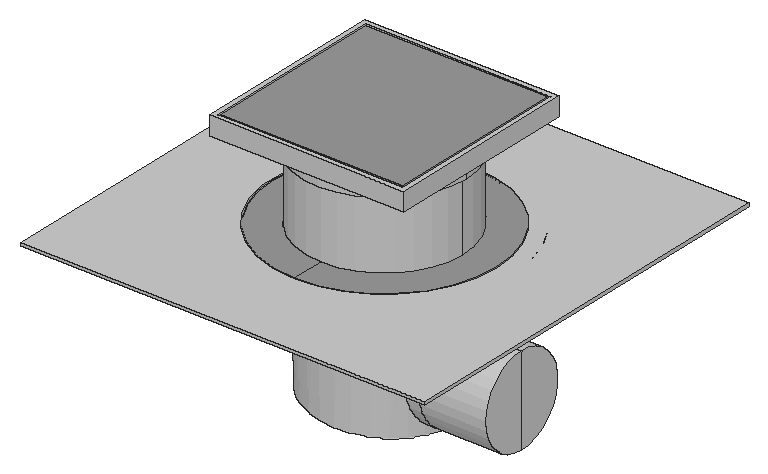
Revit family "HL_Дворовый трап серии Perfekt_HL615HLW", category Instalační zařizovací předměty, Revit 2016
Family settings
  Typ součásti = Normální
  Kóta kulaté spojky = Použít průměr
  Číslo OmniClass = 23.70.50.21.24.14
  Nadpis OmniClass = Deck Waste Water Drains
  Založené na pracovní rovině = Ne
  Vždy vertikální = Ano
  Ořezat dutým tvarem při načtení = Ne
  Sdílené = Ne
  Bod výpočtu místnosti = Ano
Parameters (values of type "HL_Дворовый трап серии Perfekt_HL615HLW")
  РЕШЁТКА = "Kunststoff 226x226mm"
  РАЗМЕР = "DN110"
  ПРОПУСКНАЯ СПОСОБНОСТЬ [instance] = 0.0 L/s
  ПРОИЗВОДИТЕЛЬНОСТЬ = "2,5 l/s"
  ПРАВОВАЯ ИНФОРМАЦИЯ = "\"Авторские права(©), права на дизайн или какие либо другие права интелектуальной собственности являются исключительной собственностью компании HL Hutterer & Lechner. Изменению не подлежит. Файл семейства с данными о прозводителе изделия защищен паролем с водяным знаком.\""
  НОМИНАЛЬНЫЙ ДИАМЕТР = 110 mm
  НАСАДКА = "42-130mm/240x240mm"
  МАТЕРИАЛ = "PP"
  МАКСИМАЛЬНАЯ НАГРУЗКА КЛАССА = "L - 1,5 t"
  ВЫСОТА МОНТАЖА = "218 mm"
  ВЕС = "3,174 kg"
  Výrobce = "HL Hutterer & Lechner GmbH"
  URL = "http://www.hutterer-lechner.com/ru/products/catalog/roof-drains/HL615HLW.aspx"
  Материал плитка [instance] = none
  Připojení ventilace = no
  Připojení odpadu = yes
  Připojení HW = no
  Připojení CW = no
  Popis = "Дворовый трап серии Perfekt DN110 горизонтальный выпуск"
  Model = "HL615HLW"
  Assembly Code = " "
  Komentáře k typům = "Дворовый трап серии Perfekt DN110 горизонтальный с битумным полотном, 240х240мм/226х226мм ПП с водяным затвором."
  Keynote = "HL615HLW"
  IH [instance] = Высота монтажа 1 + Высота монтажа 2  # 130 mm
  Высота монтажа 2 [instance] = 0 mm
  Высота монтажа 1 [instance] = 130 mm
  G [instance] = 90.00°  # constant formula
  EAN = "9003076009510"
  D [instance] = 170 mm
  C [instance] = if(IH - 68 mm < 0 mm, 0 mm, IH - 68 mm)  # 62 mm
  B [instance] = 134.4 mm + IH  # 264.4 mm
  A [instance] = if(B - 100 mm > 15 mm, B - 100 mm, 15 mm)  # 164.4 mm
Types (2, lengths in mm): name | URL | Popis | Komentáře k typům
  (no name) | "http://www.hutterer-lechner.com/en/products/catalog/roof-drains/HL615HLW.aspx" | 0 | "perfect-drain DN110 horizontal with bitumen membrane, 240x240mm/226x226mm plastic with trap seal"
  HL_Дворовый трап серии Perfekt_HL615HLW | "http://www.hutterer-lechner.com/ru/products/catalog/roof-drains/HL615HLW.aspx" | "Дворовый трап серии Perfekt DN110 горизонтальный выпуск" | "Дворовый трап серии Perfekt DN110 горизонтальный с битумным полотном, 240х240мм/226х226мм ПП с водяным затвором."
Values of the unnamed type that differ from the named types
  ПРАВОВАЯ ИНФОРМАЦИЯ = "\"Copyright (©), design rights or any other intellectual property rights, shall be the exclusive property of HL Hutterer & Lechner GmbH. Modification is not allowed. Family has been watermarked.\""
Reference planes
  plane 1 "Center (Front/Back)": y = 0
  plane 2: z = 0
  plane 3 "Center (Left/Right)": x = 0
  plane 4: z = -264.4
  plane 5: z = -130
  plane 6: z = -130
Lines and regions (mm)
  model lines, style "InvisibleLines"
    curve 1: line (0, 0, 0) -> (0, 0, 20)
  model lines, style "PlumbingFixtures", detail levels coarse+medium
    curve 2: line (0, 0, -264.4) -> (0, 0, -100)
    curve 3: line (0, 0, -100) -> (-100, 0, 0)
    curve 4: line (0, 0, -100) -> (100, 0, 0)
    curve 6: line (0, 0, -264.4) -> (170, 0, -264.4)
  reference lines, not visible
    curve 5: line (0, 0, -264.4) -> (170, 0, -264.4)
  symbolic lines, style "PlumbingFixtures", detail levels coarse+medium
    curve 7: line (-75, 75, 0) -> (75, 75, 0)
    curve 8: line (-75, -75, 0) -> (-75, 75, 0)
    curve 9: line (75, -75, 0) -> (-75, -75, 0)
    curve 10: line (75, 75, 0) -> (75, -75, 0)
    curve 11: line (-75, 75, 0) -> (-145.711, 145.711, 0)
    curve 12: line (75, 75, 0) -> (145.711, 145.711, 0)
    curve 13: line (-75, -75, 0) -> (-145.711, -145.711, 0)
    curve 14: line (75, -75, 0) -> (145.711, -145.711, 0)
  symbolic lines, style "PlumbingFixtures", not visible, detail levels coarse+medium
    curve 15: line (-75, 75, 0) -> (75, 75, 0)
    curve 16: line (-75, -75, 0) -> (-75, 75, 0)
    curve 17: line (75, -75, 0) -> (-75, -75, 0)
    curve 18: line (75, 75, 0) -> (75, -75, 0)
    curve 19: line (-75, 75, 0) -> (-145.711, 145.711, 0)
    curve 20: line (75, 75, 0) -> (145.711, 145.711, 0)
    curve 21: line (-75, -75, 0) -> (-145.711, -145.711, 0)
    curve 22: line (75, -75, 0) -> (145.711, -145.711, 0)
Text (mm)
  text "FLOOR" at (-162.344, 0, -10.979), in view "Слева"
Dimensions and locks
  "B": plane 2 to plane 4
  "IH": plane 2 to plane 5
  "A": curve 4 to plane 4
  "D": curve 5 to curve 5
  "D": curve 6 to curve 6
  "Высота монтажа 1": plane 2 to plane 6
  locked: curve 4 to plane 3 "Center (Left/Right)" (angle 45.00°)
  locked: plane 3 "Center (Left/Right)" to curve 3 (angle 45.00°)
  "G": angle curve 5 to plane 3 "Center (Left/Right)"
  aligned and locked: level to plane 2
  aligned and locked: plane 2 to curve 4
  aligned and locked: plane 2 to curve 3
  aligned and locked: plane 4 to curve 5
  aligned and locked: curve 5 to plane 3 "Center (Left/Right)"
  aligned and locked: plane 4 to curve 2
  aligned and locked: plane 3 "Center (Left/Right)" to curve 6
  aligned and locked: curve 6 to plane 4
  aligned and locked: plane 3 "Center (Left/Right)" to nested 2
  aligned and locked: plane 2 to nested 2
  aligned and locked: nested 1 to plane 3 "Center (Left/Right)"
  aligned and locked: nested 1 to plane 5
  aligned and locked: plane 3 "Center (Left/Right)" to nested 3
  aligned and locked: nested 3 to nested 2
  aligned and locked: nested 4 to plane 3 "Center (Left/Right)"
  aligned and locked: nested 4 to nested 1
Automatic sketch dimensions
  plane 3 "Center (Left/Right)" to curve 2 = 0 mm
  curve 1 to plane 3 "Center (Left/Right)" = 0 mm
  curve 1 to level = 0 mm
  level to curve 1 = 20 mm
Nested families
  nested 1: "HL-кровельные воронки - корпус-HL615KH" at (0, 0, -132.127), type "HL-кровельные воронки - корпус-HL615KH"
  nested 2: "HL-Надставные элементы-HL623" at (0, 0, 0), Высота монтажа <- "Высота монтажа 1", type "HL-Надставные элементы-HL623"
    with Высота монтажа 130 mm, a 100 mm, Ihmin 42 mm, Ihmax 130 mm
  nested 3: "HL-Песколовка-HL0606.2E" at (0, 0, -22.999), type "HL-Песколовка-HL0606.2E"
  nested 4: "HL-Вкладыш запахозапирающий-HL0605.2E" at (0, 0, -192.289), type "HL-Вкладыш запахозапирающий-HL0605.2E"
Connectors
  piping at (170, 0, -264.4), diameter 110, driven by "ПРОПУСКНАЯ СПОСОБНОСТЬ", driven by "НОМИНАЛЬНЫЙ ДИАМЕТР"
    settings: on curve 5, index 1, connector inside diameter 609.6 mm, connector length 0 mm, flow factor 0, pipe flow 0.0 L/s, pressure drop 0.0 Pa, fitting loss kfactor 0, connector angle 0.00°, fixture units 0, engagement length 0 mm, angle of deflection 0.00°, flow configuration 1, flow direction 2, fitting loss method 0, system type 16, joint type 0, gender type 0, connector reference index -1, connector utility 0, adjustable connector yes, is connector primary yes, connector description ""
Definition of nested family "HL-кровельные воронки - корпус-HL615KH"
  Parameters (values of type "HL-кровельные воронки - корпус-HL615KH")
    РАЗМЕР = "DN110"
    ПРАВОВАЯ ИНФОРМАЦИЯ = "\"Авторские права(©), права на дизайн или какие либо другие права интелектуальной собственности являются исключительной собственностью компании HL Hutterer & Lechner. Изменению не подлежит. Файл семейства с данными о прозводителе изделия защищен паролем с водяным знаком.\""
    МАТЕРИАЛ = "PP"
    ВЫСОТА МОНТАЖА = "190 mm"
    ВЕС = "2,267 kg"
    Manufacturer = "HL Hutterer & Lechner GmbH"
    URL = "http://www.hutterer-lechner.com/ru/products/catalog/roof-drains/HL615KH.aspx"
    Description = "Дворовый трап серии Perfekt DN110 горизонтальный выпуск"
    Model = "HL615KH"
    материал 3 = none
    материал 2 = none
    материал = none
    Type Comments = "Корпус дворового трапа серии Perfekt DN110 горизонтальный с битумным полотном."
    Keynote = "HL615KH"
    EAN = "9003076012893"
    Cost = 0
  Values of the unnamed type that differ from the named types
    РАЗМЕР = ""
    ПРАВОВАЯ ИНФОРМАЦИЯ = ""
    МАТЕРИАЛ = ""
    ВЫСОТА МОНТАЖА = ""
    ВЕС = ""
    Manufacturer = ""
    URL = ""
    Description = ""
    Model = ""
    Type Comments = ""
    Keynote = ""
    EAN = ""
  Reference planes
    plane 1 "Střed (vpředu/vzadu)": y = 0
    plane 2: z = 0
    plane 3 "Střed (vlevo/vpravo)": x = 0
  Forms (mm)
    Revolve 1, solid, material <- "материал", detail levels fine
      sketch origin (0, 0, 16.838) x (1, 0, 0) y (0, 0, 1)
        loop
          line (-102.992, -29.032) -> (-102.992, -49.657) -> (-93.991, -49.657) -> (-93.991, -81.233) -> (-89.525, -81.233) -> (-89.525, -96.233) -> (-87.601, -206.46) -> (0, -206.46) -> (0, -142.233) -> (-85.48, -142.233) -> (-85.48, -77) -> (-90.064, -77) -> (-90.064, -42) -> (-98.519, -42) -> (-98.519, -20.158) -> (-146.118, -20.158) -> (-158.507, -16.838) -> (-158.507, -19.787) -> (-146.081, -23.116) -> (-137.541, -23.116) -> (-137.541, -29.032) -> (-102.992, -29.032)
        axis (0, -16.838) -> (0, -206.46)
      angle from 0 to 360
    Extrusion 2, void
      sketch origin (0, 0, 16.838) x (1, 0, 0) y (0, 0, 1)
        loop
          line (101.097, -207.584) -> (-103.425, -190.313) -> (-103.425, -230.313) -> (101.097, -230.313) -> (101.097, -207.584)
      from -118.5 to 100
    Revolve 3, solid, material <- "материал", detail levels fine
      sketch origin (0, 0, 16.838) x (1, 0, 0) y (0, 0, 1)
        loop
          line (170, -151.233) -> (52.576, -151.233) -> (52.576, -206.233) -> (87.576, -206.233) -> (170, -206.233) -> (170, -151.233)
        axis (52.576, -151.233) -> (170, -151.233)
      angle from 0 to 360
    Extrusion 4, void
      sketch origin (0, 0, 16.838) x (1, 0, 0) y (0, 1, 0)
        loop
          line (53.489, 64) -> (-15, 64) -> (-15, 82.049)
          arc (-15, 82.049) -> (-83.409, 0) -> (-15, -82.049) r 83.409
          line (-15, -82.049) -> (-15, -64) -> (53.489, -64)
          arc (53.489, -64) -> (83.409, 0) -> (53.489, 64) r 83.409
      from -186.135 to -66.314
    Extrusion 5, void
      sketch origin (400, 0, 16.838) x (1, 0, 0) y (0, 1, 0)
        loop
          line (-343.274, 64) -> (-415, 64) -> (-415, -64) -> (-344.352, -64)
          arc (-344.352, -64) -> (-313.891, -0.252) -> (-343.274, 64) r 83.409
      from -186.135 to -66.314
    Extrusion 6, solid, material <- "материал 3", detail levels fine
      sketch origin (0, 0, 0) x (1, 0, 0) y (0, 1, 0)
        loop
          line (250, 250) -> (-250, 250) -> (-250, -250) -> (250, -250) -> (250, 250)
        loop
          circle (0, 0) r 137.541
      from -1.369 to 2.127
    Revolve 7, solid, material <- "материал 2", detail levels fine
      sketch origin (0, 0, 0) x (0, 1, 0) y (0, 0, 1)
        loop
          line (139.097, 2.127) -> (98.528, 2.127) -> (98.528, 0) -> (139.097, 0) -> (139.097, 2.127)
        axis (0, 2.127) -> (0, 0)
      angle from 0 to 360
  Cuts and joins
    Extrusion 2, Extrusion 4 cuts Revolve 1
    Extrusion 2, Extrusion 5 cuts Revolve 3
  Dimensions and locks
    aligned and locked: level to plane 2
Definition of nested family "HL-Надставные элементы-HL623"
  Parameters
    РЕШЁТКА = ""
    РАЗМЕР = ""
    ПРАВОВАЯ ИНФОРМАЦИЯ = ""
    НАСАДКА = ""
    МАТЕРИАЛ = ""
    МАКСИМАЛЬНАЯ НАГРУЗКА КЛАССА = ""
    ВЫСОТА МОНТАЖА = ""
    ВЕС = ""
    a [instance] = if(Высота монтажа < Ihmin, -10 mm, if(Высота монтажа > Ihmax, -10 mm, Высота монтажа - 30 mm))  # 100 mm
    Manufacturer = ""
    URL = ""
    Description = ""
    Model = ""
    материал 2 = none
    материал = none
    Type Comments = ""
    Keynote = ""
    Высота монтажа [instance] = 130 mm
    Ihmin [instance] = 42 mm
    Ihmax [instance] = 130 mm
    EAN = ""
    Cost = 0
  Types (2, lengths in mm): name | РЕШЁТКА | РАЗМЕР | ПРАВОВАЯ ИНФОРМАЦИЯ | НАСАДКА | МАТЕРИАЛ | МАКСИМАЛЬНАЯ НАГРУЗКА КЛАССА | ВЫСОТА МОНТАЖА | ВЕС | Manufacturer | URL | Description | Model | Type Comments | Keynote | EAN
    (no name) | "" | "" | "" | "" | "" | "" | "" | "" | "" | "" | "" | "" | "" | "" | ""
    HL-Надставные элементы-HL623 | "Kunststoff 226x226mm" | "d 195mm" | "\"Авторские права(©), права на дизайн или какие либо другие права интелектуальной собственности являются исключительной собственностью компании HL Hutterer & Lechner. Изменению не подлежит. Файл семейства с данными о прозводителе изделия защищен паролем с водяным знаком.\"" | "240x240mm" | "PP" | "L - 1,5 t" | "144 mm" | "0,954 [kg]" | "HL Hutterer & Lechner GmbH" | "http://www.hutterer-lechner.com/ru/products/catalog/roof-drains/HL623.aspx" | "Надставные элементы" | "HL623" | "Насадка d 195мм/240х240мм/226х226мм ПП" | "HL623" | "9003076014743"
  Reference planes
    plane 1 "Střed (vpředu/vzadu)": y = 0
    plane 2: z = 0
    plane 3 "Střed (vlevo/vpravo)": x = 0
    plane 4: z = -45
    plane 5: z = -145
  Forms (mm)
    Extrusion 1, solid, material <- "материал", detail levels fine
      sketch origin (0, 0, 0) x (1, 0, 0) y (0, 1, 0)
        loop
          line (-112.5, 112.5) -> (-112.5, -112.5) -> (112.5, -112.5) -> (112.5, 112.5) -> (-112.5, 112.5)
      from 0 to -20
    Extrusion 2, solid, material <- "материал 2", detail levels fine
      sketch origin (0, 0, 0) x (1, 0, 0) y (0, 1, 0)
        loop
          line (114.5, -114.5) -> (114.5, 114.5) -> (-114.5, 114.5) -> (-114.5, -114.5) -> (114.5, -114.5)
        loop
          line (-120, 120) -> (-120, -120) -> (120, -120) -> (120, 120) -> (-120, 120)
      from 0 to -20
    Extrusion 3, solid, material <- "материал 2", detail levels fine
      sketch origin (0, 0, 0) x (1, 0, 0) y (0, 1, 0)
        loop
          line (120, -120) -> (120, 120) -> (-120, 120) -> (-120, -120) -> (120, -120)
      from -20 to -23
    Revolve 4, solid, material <- "материал 2", detail levels fine
      sketch origin (0, 0, 0) x (1, 0, 0) y (0, 0, 1)
        loop
          line (0, -23) -> (-101.5, -23) -> (-101.5, -45) -> (0, -45) -> (0, -23)
        axis (0, -45) -> (0, -23)
      angle from 0 to 360
    Revolve 5, solid, material <- "материал 2", detail levels fine
      sketch origin (0, 0, 0) x (1, 0, 0) y (0, 0, 1)
        loop
          line (0, -45) -> (0, -145) -> (97.213, -145) -> (97.213, -45) -> (0, -45)
        axis (0, -45) -> (0, -145)
      angle from 0 to 360
  Cuts and joins
    joined: Extrusion 2, Extrusion 3
  Lines and regions (mm)
    model lines, detail levels fine
      curve 1: line (10.96, 46.315, 0) -> (45.608, 80.964, 0)
      curve 2: line (56.215, 70.357, 0) -> (21.567, 35.709, 0)
      curve 3: line (35.709, 21.567, 0) -> (70.357, 56.215, 0)
      curve 4: line (80.964, 45.608, 0) -> (46.315, 10.96, 0)
      curve 5: line (92, 7.5, 0) -> (72.5, 7.5, 0)
      curve 6: line (92, -7.5, 0) -> (72.5, -7.5, 0)
      curve 7: arc (92, -7.5, 0) -> (99.5, 0, 0) -> (92, 7.5, 0) r 7.5
      curve 8: arc (72.5, -7.5, 0) -> (65, 0, 0) -> (72.5, 7.5, 0) r 7.5
      curve 9: arc (80.964, 45.608, 0) -> (80.964, 56.215, 0) -> (70.357, 56.215, 0) r 7.5
      curve 10: arc (56.215, 70.357, 0) -> (56.215, 80.964, 0) -> (45.608, 80.964, 0) r 7.5
      curve 11: arc (21.567, 35.709, 0) -> (10.96, 35.709, 0) -> (10.96, 46.315, 0) r 7.5
      curve 12: arc (46.315, 10.96, 0) -> (35.709, 10.96, 0) -> (35.709, 21.567, 0) r 7.5
      curve 13: line (7.5, 92, 0) -> (7.5, 72.5, 0)
      curve 14: line (-7.5, 92, 0) -> (-7.5, 72.5, 0)
      curve 15: arc (-7.5, 92, 0) -> (0, 99.5, 0) -> (7.5, 92, 0) r 7.5
      curve 16: arc (-7.5, 72.5, 0) -> (0, 65, 0) -> (7.5, 72.5, 0) r 7.5
      curve 17: line (7.5, -92, 0) -> (7.5, -72.5, 0)
      curve 18: line (-7.5, -92, 0) -> (-7.5, -72.5, 0)
      curve 19: arc (-7.5, -92, 0) -> (0, -99.5, 0) -> (7.5, -92, 0) r 7.5
      curve 20: arc (-7.5, -72.5, 0) -> (0, -65, 0) -> (7.5, -72.5, 0) r 7.5
      curve 21: line (92, -7.5, 0) -> (72.5, -7.5, 0)
      curve 22: line (92, 7.5, 0) -> (72.5, 7.5, 0)
      curve 23: arc (92, 7.5, 0) -> (99.5, 0, 0) -> (92, -7.5, 0) r 7.5
      curve 24: arc (72.5, 7.5, 0) -> (65, 0, 0) -> (72.5, -7.5, 0) r 7.5
      curve 25: line (-92, -7.5, 0) -> (-72.5, -7.5, 0)
      curve 26: arc (-92, -7.5, 0) -> (-99.5, 0, 0) -> (-92, 7.5, 0) r 7.5
      curve 27: arc (-72.5, -7.5, 0) -> (-65, 0, 0) -> (-72.5, 7.5, 0) r 7.5
      curve 28: line (-92, -7.5, 0) -> (-72.5, -7.5, 0)
      curve 29: line (-92, 7.5, 0) -> (-72.5, 7.5, 0)
      curve 30: arc (-92, 7.5, 0) -> (-99.5, 0, 0) -> (-92, -7.5, 0) r 7.5
      curve 31: arc (-72.5, 7.5, 0) -> (-65, 0, 0) -> (-72.5, -7.5, 0) r 7.5
      curve 32: line (-10.96, 46.315, 0) -> (-45.608, 80.964, 0)
      curve 33: line (-56.215, 70.357, 0) -> (-21.567, 35.709, 0)
      curve 34: line (-35.709, 21.567, 0) -> (-70.357, 56.215, 0)
      curve 35: line (-80.964, 45.608, 0) -> (-46.315, 10.96, 0)
      curve 36: arc (-80.964, 45.608, 0) -> (-80.964, 56.215, 0) -> (-70.357, 56.215, 0) r 7.5
      curve 37: arc (-56.215, 70.357, 0) -> (-56.215, 80.964, 0) -> (-45.608, 80.964, 0) r 7.5
      curve 38: arc (-21.567, 35.709, 0) -> (-10.96, 35.709, 0) -> (-10.96, 46.315, 0) r 7.5
      curve 39: arc (-46.315, 10.96, 0) -> (-35.709, 10.96, 0) -> (-35.709, 21.567, 0) r 7.5
      curve 40: line (10.96, -46.315, 0) -> (45.608, -80.964, 0)
      curve 41: line (56.215, -70.357, 0) -> (21.567, -35.709, 0)
      curve 42: line (35.709, -21.567, 0) -> (70.357, -56.215, 0)
      curve 43: line (80.964, -45.608, 0) -> (46.315, -10.96, 0)
      curve 44: arc (80.964, -45.608, 0) -> (80.964, -56.215, 0) -> (70.357, -56.215, 0) r 7.5
      curve 45: arc (56.215, -70.357, 0) -> (56.215, -80.964, 0) -> (45.608, -80.964, 0) r 7.5
      curve 46: arc (21.567, -35.709, 0) -> (10.96, -35.709, 0) -> (10.96, -46.315, 0) r 7.5
      curve 47: arc (46.315, -10.96, 0) -> (35.709, -10.96, 0) -> (35.709, -21.567, 0) r 7.5
      curve 48: line (-10.96, -46.315, 0) -> (-45.608, -80.964, 0)
      curve 49: line (-56.215, -70.357, 0) -> (-21.567, -35.709, 0)
      curve 50: line (-35.709, -21.567, 0) -> (-70.357, -56.215, 0)
      curve 51: line (-80.964, -45.608, 0) -> (-46.315, -10.96, 0)
      curve 52: arc (-80.964, -45.608, 0) -> (-80.964, -56.215, 0) -> (-70.357, -56.215, 0) r 7.5
      curve 53: arc (-56.215, -70.357, 0) -> (-56.215, -80.964, 0) -> (-45.608, -80.964, 0) r 7.5
      curve 54: arc (-21.567, -35.709, 0) -> (-10.96, -35.709, 0) -> (-10.96, -46.315, 0) r 7.5
      curve 55: arc (-46.315, -10.96, 0) -> (-35.709, -10.96, 0) -> (-35.709, -21.567, 0) r 7.5
  Dimensions and locks
    plane 2 to plane 4 = 45 mm
    plane 4 to Revolve 5 sketch curve = 100 mm
    plane 2 to plane 5 = 145 mm
    "a": plane 4 to Revolve 5 sketch curve
    aligned and locked: level to plane 2
    aligned and locked: plane 4 to Revolve 5 sketch curve
  Automatic sketch dimensions
    curve 7 to curve 23 = 0 mm  (x2)
    curve 8 to curve 24 = 0 mm  (x2)
    curve 26 to curve 30 = 0 mm  (x2)
    curve 27 to curve 31 = 0 mm  (x2)
    plane 1 "Střed (vpředu/vzadu)" to curve 26 = 0 mm
    curve 16 to plane 3 "Střed (vlevo/vpravo)" = 0 mm
    curve 20 to plane 3 "Střed (vlevo/vpravo)" = 0 mm
    plane 1 "Střed (vpředu/vzadu)" to curve 24 = 0 mm
    curve 18 to plane 3 "Střed (vlevo/vpravo)" = 7.5 mm
    curve 14 to plane 3 "Střed (vlevo/vpravo)" = 7.5 mm
    curve 32 to plane 3 "Střed (vlevo/vpravo)" = 10.96 mm
    curve 48 to plane 3 "Střed (vlevo/vpravo)" = 10.96 mm
    curve 54 to curve 54 = 5.303 mm  (x2)
    curve 38 to curve 38 = 5.303 mm  (x2)
    curve 49 to curve 54 = 5.303 mm
    curve 33 to curve 38 = 5.303 mm
    curve 34 to curve 33 = 14.142 mm
    curve 50 to curve 49 = 14.142 mm
    curve 39 to curve 34 = 5.303 mm
    curve 55 to curve 50 = 5.303 mm
    curve 48 to curve 20 = 38.108 mm
    curve 32 to curve 14 = 38.108 mm
    curve 35 to plane 1 "Střed (vpředu/vzadu)" = 10.96 mm
    curve 35 to curve 39 = 5.303 mm
    plane 1 "Střed (vpředu/vzadu)" to curve 51 = 10.96 mm
    curve 51 to curve 55 = 5.303 mm
    curve 53 to curve 48 = 5.303 mm
    curve 37 to curve 32 = 5.303 mm
    curve 49 to curve 53 = 5.303 mm
    curve 33 to curve 37 = 5.303 mm  (x2)
    curve 34 to curve 37 = 14.142 mm
    curve 50 to curve 53 = 14.142 mm
    curve 27 to curve 39 = 26.185 mm
    curve 36 to curve 34 = 5.303 mm
    curve 52 to curve 50 = 5.303 mm
    curve 35 to plane 1 "Střed (vpředu/vzadu)" = 45.608 mm
    curve 35 to curve 36 = 5.303 mm  (x2)
    plane 1 "Střed (vpředu/vzadu)" to curve 51 = 45.608 mm
    curve 51 to curve 52 = 5.303 mm
    plane 1 "Střed (vpředu/vzadu)" to curve 28 = 7.5 mm
    curve 28 to curve 25 = 19.5 mm
    plane 3 "Střed (vlevo/vpravo)" to curve 1 = 10.96 mm
    plane 3 "Střed (vlevo/vpravo)" to curve 40 = 10.96 mm
    curve 11 to curve 11 = 5.303 mm
    curve 46 to curve 46 = 5.303 mm  (x2)
    curve 11 to curve 2 = 5.303 mm
    curve 46 to curve 41 = 5.303 mm
    curve 2 to curve 3 = 14.142 mm
    curve 41 to curve 42 = 14.142 mm  (x3)
    curve 42 to curve 47 = 5.303 mm
    curve 3 to curve 12 = 5.303 mm
    curve 13 to curve 1 = 38.108 mm
    curve 17 to curve 40 = 38.108 mm
    plane 1 "Střed (vpředu/vzadu)" to curve 43 = 10.96 mm
    curve 47 to curve 43 = 5.303 mm
    curve 4 to plane 1 "Střed (vpředu/vzadu)" = 10.96 mm
    curve 12 to curve 4 = 5.303 mm
    curve 1 to curve 10 = 5.303 mm
    curve 40 to curve 45 = 5.303 mm
    curve 45 to curve 41 = 5.303 mm  (x2)
    curve 10 to curve 2 = 5.303 mm
    curve 10 to curve 3 = 14.142 mm
    curve 43 to curve 24 = 26.185 mm
    curve 42 to curve 44 = 5.303 mm
    curve 3 to curve 9 = 5.303 mm
    plane 1 "Střed (vpředu/vzadu)" to curve 43 = 45.608 mm
    curve 44 to curve 43 = 5.303 mm
    curve 4 to plane 1 "Střed (vpředu/vzadu)" = 45.608 mm
    curve 9 to curve 4 = 5.303 mm
    curve 5 to plane 1 "Střed (vpředu/vzadu)" = 7.5 mm
    curve 22 to curve 5 = 19.5 mm
    plane 1 "Střed (vpředu/vzadu)" to curve 48 = 46.315 mm
    curve 48 to curve 40 = 0 mm
    curve 52 to curve 52 = 5.303 mm
    curve 44 to curve 44 = 5.303 mm
    curve 49 to curve 50 = 14.142 mm
    curve 17 to curve 40 = 26.185 mm
    curve 53 to curve 49 = 5.303 mm
    curve 17 to curve 20 = 19.5 mm
    curve 42 to curve 47 = 10.607 mm
    curve 50 to curve 51 = 10.607 mm
    curve 4 to curve 12 = 5.303 mm
    curve 39 to curve 39 = 5.303 mm
    curve 39 to curve 33 = 14.142 mm
    curve 12 to curve 2 = 14.142 mm
    curve 2 to curve 11 = 5.303 mm
    curve 9 to curve 9 = 5.303 mm
    curve 3 to curve 2 = 14.142 mm
    curve 36 to curve 33 = 14.142 mm
    curve 11 to curve 13 = 26.185 mm
    curve 2 to curve 10 = 5.303 mm
    curve 14 to curve 14 = 19.5 mm
    Extrusion 1 sketch curve to plane 3 "Střed (vlevo/vpravo)" = 112.5 mm
    plane 3 "Střed (vlevo/vpravo)" to Extrusion 1 sketch curve = 112.5 mm
    plane 1 "Střed (vpředu/vzadu)" to Extrusion 1 sketch curve = 112.5 mm
    Extrusion 1 sketch curve to plane 1 "Střed (vpředu/vzadu)" = 112.5 mm
    Extrusion 2 sketch curve to plane 3 "Střed (vlevo/vpravo)" = 120 mm
    Extrusion 2 sketch curve to Extrusion 2 sketch curve = 5.5 mm  (x4)
    plane 3 "Střed (vlevo/vpravo)" to Extrusion 2 sketch curve = 114.5 mm
    plane 1 "Střed (vpředu/vzadu)" to Extrusion 2 sketch curve = 120 mm
    Extrusion 2 sketch curve to plane 1 "Střed (vpředu/vzadu)" = 114.5 mm
    Extrusion 3 sketch curve to plane 3 "Střed (vlevo/vpravo)" = 120 mm
    plane 3 "Střed (vlevo/vpravo)" to Extrusion 3 sketch curve = 120 mm
    plane 1 "Střed (vpředu/vzadu)" to Extrusion 3 sketch curve = 120 mm
    Extrusion 3 sketch curve to plane 1 "Střed (vpředu/vzadu)" = 120 mm
    Revolve 4 sketch curve to plane 4 = 0 mm
    Revolve 4 sketch curve to plane 3 "Střed (vlevo/vpravo)" = 0 mm  (x2)
    plane 4 to Revolve 4 sketch curve = 22 mm
    Revolve 4 sketch curve to plane 3 "Střed (vlevo/vpravo)" = 101.5 mm
    level to Revolve 4 sketch curve = 32 mm
    Revolve 4 sketch curve to Revolve 4 sketch curve = 90 mm
    Revolve 5 sketch curve to plane 3 "Střed (vlevo/vpravo)" = 0 mm  (x2)
    Revolve 5 sketch curve to Revolve 5 sketch curve = 97.213 mm
    Revolve 5 sketch curve to plane 5 = 38.999 mm
    Revolve 5 sketch curve to Revolve 5 sketch curve = 140 mm
Definition of nested family "HL-Песколовка-HL0606.2E"
  Parameters (values of type "HL-Песколовка-HL0606.2E")
    ПРАВОВАЯ ИНФОРМАЦИЯ = "\"Авторские права(©), права на дизайн или какие либо другие права интелектуальной собственности являются исключительной собственностью компании HL Hutterer & Lechner. Изменению не подлежит. Файл семейства с данными о прозводителе изделия защищен паролем с водяным знаком.\""
    МАТЕРИАЛ = "PP"
    ВЕС = "0,09 kg"
    Manufacturer = "HL Hutterer & Lechner GmbH"
    URL = "http://www.hutterer-lechner.com/ru/products/catalog/roof-drains/HL0606.2E.aspx"
    Description = "Песколовка"
    Model = "HL0606.2E"
    материал = none
    Type Comments = "Песколовка"
    Keynote = "HL0606.2E"
    EAN = "9003076060627"
    Cost = 0
  Values of the unnamed type that differ from the named types
    ПРАВОВАЯ ИНФОРМАЦИЯ = ""
    МАТЕРИАЛ = ""
    ВЕС = ""
    Manufacturer = ""
    URL = ""
    Description = ""
    Model = ""
    Type Comments = ""
    Keynote = ""
    EAN = ""
  Reference planes
    plane 1 "Střed (vpředu/vzadu)": y = 0
    plane 2: z = 0
    plane 3 "Střed (vlevo/vpravo)": x = 0
  Forms (mm)
    Revolve 1, solid, material <- "материал", detail levels fine
      sketch origin (0, 0, 0) x (1, 0, 0) y (0, 0, 1)
        loop
          line (0, -55.952) -> (0, -58.018) -> (57.601, -56.006)
          arc (57.601, -56.006) -> (65.932, -53.053) -> (69.532, -44.98) r 11.208
          line (69.532, -44.98) -> (72.482, -41.586) -> (75.031, -12.448) -> (75.865, -6.515)
          arc (75.865, -6.515) -> (76.428, -5.156) -> (77.786, -4.594) r 1.921
          line (77.786, -4.594) -> (95.979, -3.002) -> (95.979, -0.001) -> (73.246, -1.99) -> (69.436, -41.391) -> (67.501, -43.326)
          arc (67.501, -43.326) -> (65.111, -51.02) -> (57.603, -53.94) r 9.273
          line (57.603, -53.94) -> (0, -55.952)
        axis (0, -58.018) -> (0, -0.001)
      angle from 0 to 360
  Dimensions and locks
    aligned and locked: level to plane 2
Definition of nested family "HL-Вкладыш запахозапирающий-HL0605.2E"
  Parameters
    ПРАВОВАЯ ИНФОРМАЦИЯ = ""
    МАТЕРИАЛ = ""
    ВЕС = ""
    Manufacturer = ""
    URL = ""
    Description = ""
    Model = ""
    материал 2 = none
    материал = none
    Type Comments = ""
    Keynote = ""
    EAN = ""
    Cost = 0
  Types (2, lengths in mm): name | ПРАВОВАЯ ИНФОРМАЦИЯ | МАТЕРИАЛ | ВЕС | Manufacturer | URL | Description | Model | Type Comments | Keynote | EAN
    (no name) | "" | "" | "" | "" | "" | "" | "" | "" | "" | ""
    HL-Вкладыш запахозапирающий-HL0605.2E | "\"Авторские права(©), права на дизайн или какие либо другие права интелектуальной собственности являются исключительной собственностью компании HL Hutterer & Lechner. Изменению не подлежит. Файл семейства с данными о прозводителе изделия защищен паролем с водяным знаком.\"" | "PP" | "0,192 kg" | "HL Hutterer & Lechner GmbH" | "http://www.hutterer-lechner.com/ru/products/catalog/roof-drains/HL0605.2E.aspx" | "Вкладыш запахозапирающий" | "HL0605.2E" | "Вкладыш водяного затвора комплектный" | "HL0605.2E" | "9003076009725"
  Reference planes
    plane 1 "Střed (vpředu/vzadu)": y = 0
    plane 2: z = 0
    plane 3 "Střed (vlevo/vpravo)": x = 0
  Forms (mm)
    Revolve 1, solid, material <- "материал 2", detail levels fine
      sketch origin (0, 0, 0) x (1, 0, 0) y (0, 0, 1)
        loop
          line (88, -3) -> (88, 0) -> (82.921, 0) -> (82.921, -1.338) -> (78.867, -6.169) -> (78.867, -19.629) -> (76.315, -48.796)
          arc (76.315, -48.796) -> (75.558, -51.125) -> (73.796, -52.827) r 5.066
          line (73.796, -52.827) -> (58.029, -61.938) -> (58.029, -93.034) -> (53.399, -98) -> (41.859, -98) -> (41.859, -83.043) -> (45.35, -83.043) -> (45.35, -33) -> (29.878, -33) -> (29.878, -100) -> (52.94, -100)
          arc (52.94, -100) -> (57.932, -97.932) -> (60, -92.939) r 7.061
          line (60, -92.939) -> (60, -65.894)
          arc (60, -65.894) -> (60.671, -63.394) -> (62.5, -61.564) r 5.003
          line (62.5, -61.564) -> (74.706, -54.511)
          arc (74.706, -54.511) -> (77.106, -52.212) -> (78.174, -49.065) r 6.994
          line (78.174, -49.065) -> (81.088, -15.754) -> (83.996, -15.499) -> (83.996, -12.378)
          arc (83.996, -12.378) -> (85.775, -10) -> (83.996, -7.623) r 2.478
          line (83.996, -7.623) -> (83.996, -3) -> (88, -3)
        axis (0, 0) -> (0, -100)
      angle from 0 to 360
    Revolve 2, solid, material <- "материал", detail levels fine
      sketch origin (0, 0, 0) x (1, 0, 0) y (0, 0, 1)
        loop
          line (47.229, -83.043) -> (47.229, -28.043)
          arc (47.229, -28.043) -> (43.63, -19.353) -> (34.94, -15.754) r 12.289
          line (34.94, -15.754) -> (0, -15.754) -> (0, -48.796) -> (45.35, -48.796) -> (45.35, -83.043) -> (47.229, -83.043)
        axis (0, -83.043) -> (0, -15.754)
      angle from 0 to 360
  Dimensions and locks
    aligned and locked: level to plane 2
